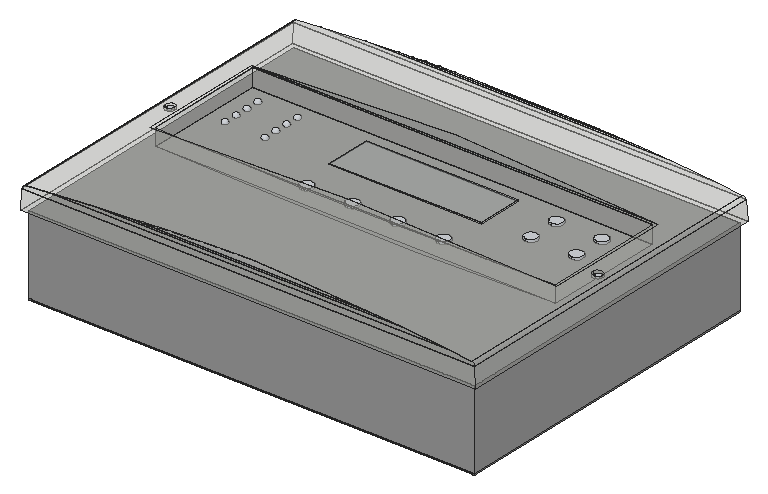
Revit family "MaviGard Panneau d'Alarme Gaz, 4 Canaux", category Fire Alarm Devices, host Face, Revit 2021
Family settings
  Host = Face
  Maintain Annotation Orientation = Yes
  Round Connector Dimension = Use Diameter
  Part Type = Normal
  OmniClass Number = 23.85.30.21
  OmniClass Title = Environmental Detection/Registration
  Cut with Voids When Loaded = No
  Shared = No
  Room Calculation Point = No
Parameters (values of type "MaviGardPanneau de Contrôle d'alarme de gaz, 4 canaux")
  Poids = "5,3 kg"
  boîtier de montage en surface étanche = ""
  Unité  de durée de garantie = "Ans"
  Durée de la garantie pièce rechange = "2"
  Durée de la garantie travail = "2"
  Version = ""
  URL = "https://www.mavili.com.tr/"
  Socle Montage de Surlévé = ""
  Numéro de pose des travaux public = ""
  Protection de Classe = ""
  Code de produit = "MG-400"
  Numèro de téléphone = "(+)90 216 466 45 05"
  Voltage de fonctionnement (défaut) = ""
  Voltage fonction d'opération = ""
  Tempèrature de Fonctionnement = "(-5°C) - (+50°C)"
  Largeur Nominal = "100 mm"
  Longeur Nominal = "400 mm"
  Hauteur Nominal = "300 mm"
  Surface de Montage = "Montage à Mur"
  Hauteur de Montage = ""
  Model = "MaviGard"
  Manufacturer = "Mavili Elektronik Ticaret A.Ş."
  Manuel d'installation = "https://mavilielektronik.com/Revit/MG400_enkk.pdf"
  Sortie d'indicateur = ""
  Numèro de Fax = "(+)90 216 466 45 10"
  Alimentation d'externe = "220 V AC"
  E-poste = "mavili@mavili.com.tr"
  Avertissement = ""
  Charger adresse d'appareil = ""
  Description = "Panneau de Contrôle d'alarme de gaz, 4 canaux"
  Default Elevation = 0 mm
  Current de consommation = ""
  Cost unıt = ""
  Cost = 0
  Socles Compatible = ""
  Couleur = "Blanc"
  Code de  Performance = ""
  Matèriel Principe = "Mètale Grise"
  Deuxième Matèriel = "Plastique Blanche ABS"
  Batterie = "2 X (12V DC 7 Ah )"
  Assembly Code = ""
  Adresse ligne 1 = "Şerifali Mahallesi Kutup Sokak No:27/1-2-4 Ümraniye TR-34775 İSTANBUL"
Reference planes
  plane 1 "Center (Front/Back)": y = 0
  plane 2: z = 0
  plane 3 "Center (Left/Right)": x = 0
Forms (mm)
  Extrusion 1, solid, material "mavili arka kasa"
    sketch origin (-210, -150, 148.173) x (1, 0, 0) y (0, 0, -1)
      loop
        line (42.905, 77.3) -> (434.905, 77.3) -> (434.905, 146.904)
        arc (434.905, 146.904) -> (434.545, 147.715) -> (433.785, 148.173) r 1.476
        line (433.785, 148.173) -> (44.505, 148.173)
        arc (44.505, 148.173) -> (43.374, 147.704) -> (42.905, 146.573) r 1.6
        line (42.905, 146.573) -> (42.905, 77.3)
    from 0 to 300
  Extrusion 2, solid, material "Mavili beyaz"
    sketch origin (-210, -150, 148.173) x (1, 0, 0) y (0, 0, -1)
      loop
        line (38.905, 77.3) -> (39.824, 59.769)
        arc (39.824, 59.769) -> (40.651, 57.854) -> (42.526, 56.941) r 3
        arc (42.526, 56.941) -> (238.905, 47.3) -> (435.284, 56.941) r 2005
        arc (435.284, 56.941) -> (437.16, 57.854) -> (437.987, 59.769) r 3
        line (437.987, 59.769) -> (438.905, 77.3) -> (38.905, 77.3)
    from 0 to 300
  Extrusion 3, void
    sketch origin (-167.095, -150, 70.872) x (0, 0, 1) y (0, -1, 0)
      loop
        arc (-69.27, -296) -> (-70.403, -295.532) -> (-70.872, -294.4) r 1.6
        line (-70.872, -294.4) -> (-70.872, -300) -> (0, -300) -> (0, -296) -> (-69.27, -296)
    from 0 to 392
  Extrusion 4, void
    sketch origin (-167.095, 150, 70.872) x (0, 0, 1) y (0, -1, 0)
      loop
        line (-69.27, 296) -> (0, 296) -> (0, 300) -> (-70.872, 300) -> (-70.872, 294.4)
        arc (-70.872, 294.4) -> (-70.403, 295.532) -> (-69.27, 296) r 1.6
    from 0 to 392
  Extrusion 5, void
    sketch origin (-210, -150, 148.173) x (0, 0, -1) y (0, 1, 0)
      loop
        line (55.289, 116.326) -> (55.289, 228.158) -> (47.3, 228.297) -> (47.3, 111.721) -> (55.289, 116.326)
    from 0 to 497.127
  Extrusion 6, void
    sketch origin (-210, -150, 148.173) x (0, 0, -1) y (0, 1, 0)
      loop
        arc (47.3, 295.581) -> (48.124, 297.646) -> (50.143, 298.577) r 3
        line (50.143, 298.577) -> (51.913, 298.669) -> (55.057, 298.834) -> (59.769, 299.081) -> (77.3, 300) -> (50, 300) -> (47.3, 300) -> (47.3, 295.581)
    from 0 to 493.151
  Extrusion 7, void
    sketch origin (-210, 150, 148.173) x (0, 0, -1) y (0, 1, 0)
      loop
        line (47.3, -295.581) -> (47.3, -300) -> (50, -300) -> (77.3, -300) -> (59.769, -299.081) -> (55.057, -298.834) -> (51.913, -298.669) -> (50.143, -298.577)
        arc (50.143, -298.577) -> (48.124, -297.646) -> (47.3, -295.581) r 3
    from 0 to 493.151
  Extrusion 8, void
    sketch origin (-167.095, 146, 25.472) x (0, 0, -1) y (1, 0, 0)
      loop
        line (-13.523, 66.9) -> (-13.523, 68.054)
        arc (-13.523, 68.054) -> (-15, 68.144) -> (-16.477, 68.054) r 12.144
        line (-16.477, 68.054) -> (-16.477, 66.9)
        arc (-16.477, 66.9) -> (-26, 56.025) -> (-16.527, 45.106) r 11
        line (-16.527, 45.106) -> (-16.527, 43.952)
        arc (-16.527, 43.952) -> (-15, 43.856) -> (-13.473, 43.952) r 12.144
        line (-13.473, 43.952) -> (-13.473, 45.106)
        arc (-13.473, 45.106) -> (-4, 56.025) -> (-13.523, 66.9) r 11
    from 0 to 1
  Extrusion 9, void
    sketch origin (-127.095, 146, 25.472) x (0, 0, -1) y (1, 0, 0)
      loop
        line (-13.523, 66.9) -> (-13.523, 68.054)
        arc (-13.523, 68.054) -> (-15, 68.144) -> (-16.477, 68.054) r 12.144
        line (-16.477, 68.054) -> (-16.477, 66.9)
        arc (-16.477, 66.9) -> (-26, 56.025) -> (-16.527, 45.106) r 11
        line (-16.527, 45.106) -> (-16.527, 43.952)
        arc (-16.527, 43.952) -> (-15, 43.856) -> (-13.473, 43.952) r 12.144
        line (-13.473, 43.952) -> (-13.473, 45.106)
        arc (-13.473, 45.106) -> (-4, 56.025) -> (-13.523, 66.9) r 11
    from 0 to 1
  Extrusion 10, void
    sketch origin (-87.095, 146, 25.472) x (0, 0, -1) y (1, 0, 0)
      loop
        line (-13.523, 66.9) -> (-13.523, 68.054)
        arc (-13.523, 68.054) -> (-15, 68.144) -> (-16.477, 68.054) r 12.144
        line (-16.477, 68.054) -> (-16.477, 66.9)
        arc (-16.477, 66.9) -> (-26, 56.025) -> (-16.527, 45.106) r 11
        line (-16.527, 45.106) -> (-16.527, 43.952)
        arc (-16.527, 43.952) -> (-15, 43.856) -> (-13.473, 43.952) r 12.144
        line (-13.473, 43.952) -> (-13.473, 45.106)
        arc (-13.473, 45.106) -> (-4, 56.025) -> (-13.523, 66.9) r 11
    from 0 to 1
  Extrusion 11, void
    sketch origin (-47.095, 146, 25.472) x (0, 0, -1) y (1, 0, 0)
      loop
        line (-13.523, 66.9) -> (-13.523, 68.054)
        arc (-13.523, 68.054) -> (-15, 68.144) -> (-16.477, 68.054) r 12.144
        line (-16.477, 68.054) -> (-16.477, 66.9)
        arc (-16.477, 66.9) -> (-26, 56.025) -> (-16.527, 45.106) r 11
        line (-16.527, 45.106) -> (-16.527, 43.952)
        arc (-16.527, 43.952) -> (-15, 43.856) -> (-13.473, 43.952) r 12.144
        line (-13.473, 43.952) -> (-13.473, 45.106)
        arc (-13.473, 45.106) -> (-4, 56.025) -> (-13.523, 66.9) r 11
    from 0 to 1
  Extrusion 12, void
    sketch origin (-7.095, 146, 25.472) x (0, 0, -1) y (1, 0, 0)
      loop
        line (-13.523, 66.9) -> (-13.523, 68.054)
        arc (-13.523, 68.054) -> (-15, 68.144) -> (-16.477, 68.054) r 12.144
        line (-16.477, 68.054) -> (-16.477, 66.9)
        arc (-16.477, 66.9) -> (-26, 56.025) -> (-16.527, 45.106) r 11
        line (-16.527, 45.106) -> (-16.527, 43.952)
        arc (-16.527, 43.952) -> (-15, 43.856) -> (-13.473, 43.952) r 12.144
        line (-13.473, 43.952) -> (-13.473, 45.106)
        arc (-13.473, 45.106) -> (-4, 56.025) -> (-13.523, 66.9) r 11
    from 0 to 1
  Extrusion 13, void
    sketch origin (32.905, 146, 25.472) x (0, 0, -1) y (1, 0, 0)
      loop
        line (-13.523, 66.9) -> (-13.523, 68.054)
        arc (-13.523, 68.054) -> (-15, 68.144) -> (-16.477, 68.054) r 12.144
        line (-16.477, 68.054) -> (-16.477, 66.9)
        arc (-16.477, 66.9) -> (-26, 56.025) -> (-16.527, 45.106) r 11
        line (-16.527, 45.106) -> (-16.527, 43.952)
        arc (-16.527, 43.952) -> (-15, 43.856) -> (-13.473, 43.952) r 12.144
        line (-13.473, 43.952) -> (-13.473, 45.106)
        arc (-13.473, 45.106) -> (-4, 56.025) -> (-13.523, 66.9) r 11
    from 0 to 1
  Extrusion 14, void
    sketch origin (72.905, 146, 25.472) x (0, 0, -1) y (1, 0, 0)
      loop
        line (-13.523, 66.9) -> (-13.523, 68.054)
        arc (-13.523, 68.054) -> (-15, 68.144) -> (-16.477, 68.054) r 12.144
        line (-16.477, 68.054) -> (-16.477, 66.9)
        arc (-16.477, 66.9) -> (-26, 56.025) -> (-16.527, 45.106) r 11
        line (-16.527, 45.106) -> (-16.527, 43.952)
        arc (-16.527, 43.952) -> (-15, 43.856) -> (-13.473, 43.952) r 12.144
        line (-13.473, 43.952) -> (-13.473, 45.106)
        arc (-13.473, 45.106) -> (-4, 56.025) -> (-13.523, 66.9) r 11
    from 0 to 1
  Extrusion 15, void
    sketch origin (112.905, 146, 25.472) x (0, 0, -1) y (1, 0, 0)
      loop
        line (-13.523, 66.9) -> (-13.523, 68.054)
        arc (-13.523, 68.054) -> (-15, 68.144) -> (-16.477, 68.054) r 12.144
        line (-16.477, 68.054) -> (-16.477, 66.9)
        arc (-16.477, 66.9) -> (-26, 56.025) -> (-16.527, 45.106) r 11
        line (-16.527, 45.106) -> (-16.527, 43.952)
        arc (-16.527, 43.952) -> (-15, 43.856) -> (-13.473, 43.952) r 12.144
        line (-13.473, 43.952) -> (-13.473, 45.106)
        arc (-13.473, 45.106) -> (-4, 56.025) -> (-13.523, 66.9) r 11
    from 0 to 1
  Extrusion 16, void
    sketch origin (-210, -33.417, 92.884) x (-1, 0, 0) y (0, 1, 0)
      loop
        line (-62.836, 2.214) -> (-62.836, 108.579)
        spline (-62.836, 108.579) -> (-92.123, 108.62) -> (-121.442, 108.654) -> (-150.785, 108.681) -> (-180.148, 108.699) -> (-209.524, 108.711) -> (-238.905, 108.714) -> (-268.287, 108.711) -> (-297.662, 108.699) -> (-327.025, 108.681) -> (-356.369, 108.654) -> (-385.687, 108.62) -> (-414.974, 108.579)
        line (-414.974, 108.579) -> (-414.974, 2.214)
        spline (-414.974, 2.214) -> (-385.687, 0.847) -> (-356.369, -0.273) -> (-327.025, -1.144) -> (-297.662, -1.766) -> (-268.287, -2.14) -> (-238.905, -2.264) -> (-209.524, -2.14) -> (-180.148, -1.766) -> (-150.785, -1.144) -> (-121.442, -0.273) -> (-92.123, 0.847) -> (-62.836, 2.214)
    from 0 to 15
  Extrusion 17, void
    sketch origin (-210, -33.417, 92.884) x (-1, 0, 0) y (0, 1, 0)
      loop
        circle (-50.905, 33.417) r 4.25
    from 0 to 3
  Extrusion 18, solid
    sketch origin (-210, -33.442, 89.884) x (0, 1, 0) y (-1, 0, 0)
      loop
        line (35.753, -50.862) -> (34.597, -48.861) -> (32.286, -48.861) -> (31.13, -50.862) -> (32.286, -52.864) -> (34.597, -52.864) -> (35.753, -50.862)
    from 0 to 1
  Extrusion 19, void
    sketch origin (267.811, -33.417, 92.884) x (-1, 0, 0) y (0, 1, 0)
      loop
        circle (50.905, 33.417) r 4.25
    from 0 to 3
  Extrusion 20, solid
    sketch origin (267.811, -33.442, 89.884) x (0, 1, 0) y (-1, 0, 0)
      loop
        line (35.753, 50.862) -> (34.597, 52.864) -> (32.286, 52.864) -> (31.13, 50.862) -> (32.286, 48.861) -> (34.597, 48.861) -> (35.753, 50.862)
    from 0 to 1
  Revolve 21, solid
    sketch origin (-210, -33.417, 77.884) x (-1, 0, 0) y (0, -1, 0)
      loop
        line (-78.905, -96.917) -> (-78.905, -91.917)
        arc (-78.905, -91.917) -> (-81.405, -94.417) -> (-78.905, -96.917) r 2.5
      axis (-78.905, -96.917) -> (-78.905, -91.917)
    angle from 0 to -180
  Revolve 22, solid
    sketch origin (-175, -33.417, 77.884) x (-1, 0, 0) y (0, -1, 0)
      loop
        line (-78.905, -96.917) -> (-78.905, -91.917)
        arc (-78.905, -91.917) -> (-81.405, -94.417) -> (-78.905, -96.917) r 2.5
      axis (-78.905, -96.917) -> (-78.905, -91.917)
    angle from 0 to -180
  Revolve 23, solid
    sketch origin (-210, -45.417, 77.884) x (-1, 0, 0) y (0, -1, 0)
      loop
        line (-78.905, -96.917) -> (-78.905, -91.917)
        arc (-78.905, -91.917) -> (-81.405, -94.417) -> (-78.905, -96.917) r 2.5
      axis (-78.905, -96.917) -> (-78.905, -91.917)
    angle from 0 to -180
  Revolve 24, solid
    sketch origin (-175, -45.417, 77.884) x (-1, 0, 0) y (0, -1, 0)
      loop
        line (-78.905, -96.917) -> (-78.905, -91.917)
        arc (-78.905, -91.917) -> (-81.405, -94.417) -> (-78.905, -96.917) r 2.5
      axis (-78.905, -96.917) -> (-78.905, -91.917)
    angle from 0 to -180
  Revolve 25, solid
    sketch origin (-175, -57.417, 77.884) x (-1, 0, 0) y (0, -1, 0)
      loop
        line (-78.905, -96.917) -> (-78.905, -91.917)
        arc (-78.905, -91.917) -> (-81.405, -94.417) -> (-78.905, -96.917) r 2.5
      axis (-78.905, -96.917) -> (-78.905, -91.917)
    angle from 0 to -180
  Revolve 26, solid
    sketch origin (-210, -57.417, 77.884) x (-1, 0, 0) y (0, -1, 0)
      loop
        line (-78.905, -96.917) -> (-78.905, -91.917)
        arc (-78.905, -91.917) -> (-81.405, -94.417) -> (-78.905, -96.917) r 2.5
      axis (-78.905, -96.917) -> (-78.905, -91.917)
    angle from 0 to -180
  Revolve 27, solid
    sketch origin (-210, -69.417, 77.884) x (-1, 0, 0) y (0, -1, 0)
      loop
        line (-78.905, -96.917) -> (-78.905, -91.917)
        arc (-78.905, -91.917) -> (-81.405, -94.417) -> (-78.905, -96.917) r 2.5
      axis (-78.905, -96.917) -> (-78.905, -91.917)
    angle from 0 to -180
  Revolve 28, solid
    sketch origin (-175, -69.417, 77.884) x (-1, 0, 0) y (0, -1, 0)
      loop
        line (-78.905, -96.917) -> (-78.905, -91.917)
        arc (-78.905, -91.917) -> (-81.405, -94.417) -> (-78.905, -96.917) r 2.5
      axis (-78.905, -96.917) -> (-78.905, -91.917)
    angle from 0 to -180
  Extrusion 29, solid
    sketch origin (-210, -33.417, 77.884) x (-1, 0, 0) y (0, -1, 0)
      loop
        circle (-178.905, -23.417) r 5.5
    from 0 to 1.419
  Extrusion 30, solid
    sketch origin (-170, -33.417, 77.884) x (-1, 0, 0) y (0, -1, 0)
      loop
        circle (-178.905, -23.417) r 5.5
    from 0 to 1.419
  Extrusion 31, solid
    sketch origin (-130, -33.417, 77.884) x (-1, 0, 0) y (0, -1, 0)
      loop
        circle (-178.905, -23.417) r 5.5
    from 0 to 1.419
  Extrusion 32, solid
    sketch origin (-90, -33.417, 77.884) x (-1, 0, 0) y (0, -1, 0)
      loop
        circle (-178.905, -23.417) r 5.5
    from 0 to 1.419
  Extrusion 33, solid
    sketch origin (-210, -33.417, 77.884) x (-1, 0, 0) y (0, -1, 0)
      loop
        circle (-343.905, -91.417) r 5.5
    from 0 to 1.4
  Extrusion 34, solid
    sketch origin (-170, -33.417, 77.884) x (-1, 0, 0) y (0, -1, 0)
      loop
        circle (-343.905, -91.417) r 5.5
    from 0 to 1.4
  Extrusion 35, solid
    sketch origin (-209.988, -61.417, 77.884) x (-1, 0, 0) y (0, -1, 0)
      loop
        circle (-343.905, -91.417) r 5.5
    from 0 to 1.4
  Extrusion 36, solid
    sketch origin (-170.012, -61.417, 77.884) x (-1, 0, 0) y (0, -1, 0)
      loop
        circle (-343.905, -91.417) r 5.5
    from 0 to 1.4
  Extrusion 37, solid, material "Air Surfaces(1)"
    sketch origin (-210, -33.417, 77.884) x (-1, 0, 0) y (0, -1, 0)
      loop
        line (-171.905, -97.417) -> (-171.905, -56.417) -> (-305.905, -56.417) -> (-305.905, -97.417) -> (-171.905, -97.417)
    from 0 to 1.4
Cuts and joins
  Extrusion 3, Extrusion 4, Extrusion 8, Extrusion 9, Extrusion 10, Extrusion 11, Extrusion 12, Extrusion 13, Extrusion 14, Extrusion 15 cuts Extrusion 1
  Extrusion 3, Extrusion 4, Extrusion 5, Extrusion 6, Extrusion 7, Extrusion 16, Extrusion 17, Extrusion 19 cuts Extrusion 2
  Extrusion 19 cuts Extrusion 18
Dimensions and locks
  aligned and locked: plane 2 to host face
  aligned and locked: level to host face
Connectors
  electrical at (29.145, 0, 0)
    settings: on cut or joined group of Extrusion 1, Extrusion 3, Extrusion 4, Extrusion 8, Extrusion 9, Extrusion 10, Extrusion 11, Extrusion 12, Extrusion 13, Extrusion 14, Extrusion 15, index 1, voltage 0 V, apparent load 0 VA, apparent load phase1 0 VA, apparent load phase2 0 VA, apparent load phase3 0 VA, power factor 1, load classification "Other", number of poles 1, system type 31, power factor state 1, is connector primary yes, connector utility no, sub classification motor no, connector description ""
